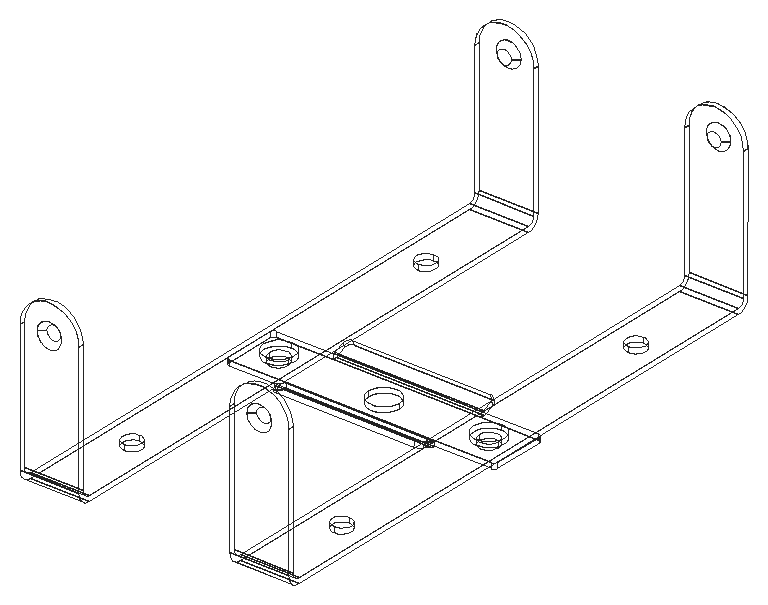
Revit family "1 SOUND_C-Clamps & Bridge Kit_WSUB45", category Communication Devices, host Face, Revit 2020
Family settings
  Host = Face
  Maintain Annotation Orientation = No
  Round Connector Dimension = Use Diameter
  Part Type = Normal
  Cut with Voids When Loaded = No
  Shared = No
  Room Calculation Point = No
Parameters (values of type "WSUB45 C-Clamps & Bridge Kit")
  Weight = ".13 kg"
  URL = "https://www.1-sound.com/wsub45-clamps-bridge-kit"
  Model = "WSUB45 C-Clamps & Bridge Kit"
  Material = "Zinc Plated"
  Manufacturer = "1 SOUND"  # constant formula
  Finish = "Powder Coated or Brushed Stainless Steel"
  Dimensions (HxWxD) = "144.75mm x 52.66mm x 6.24mm"
  Default Elevation = 2438.40 mm  # constant formula
  Construction = "Galvanized Steel or Stainless Steel 316"  # constant formula
  Category = "Accessory"  # constant formula
  Accessory Finish [instance] = 1 Sound - Powder Coat_Black
Reference planes
  plane 1 "Center (Front/Back)": y = 0
  plane 2: z = 0
  plane 3 "Center (Left/Right)": x = 0
  plane 4: z = 93.38
  plane 5: z = 70.38
  plane 6: x = -72.38
  plane 7: x = -56.5
  plane 8: x = 24.12
  plane 9: x = 72.38
  plane 10: x = -40
  plane 11: x = 40
  plane 12: y = 15.875
  plane 13: y = -15.875
  plane 14: y = 26.369
  plane 15: y = -26.369
Forms (mm)
  Extrusion 1, void
    sketch origin (0, 0, 0) x (1, 0, 0) y (0, 1, 0)
      loop
        circle (-56.495, 0) r 5.16
      loop
        circle (56.495, 0) r 5.16
      loop
        circle (0, 0) r 8.335
    from 0 to 3
  Extrusion 2, solid, material "1 Sound - Powder Coat_Black" <- "Accessory Finish"
    sketch origin (0, 0, 0) x (0, 1, 0) y (0, 0, 1)
      loop
        line (-15.875, 0) -> (-15.875, 3)
        arc (-15.875, 3) -> (-16.396, 3.046) -> (-16.901, 3.181) r 3
        line (-16.901, 3.181) -> (-17.927, 0.362)
        arc (-17.927, 0.362) -> (-16.917, 0.091) -> (-15.875, 0) r 6
      loop
        arc (15.875, 0) -> (16.917, 0.091) -> (17.927, 0.362) r 6
        line (17.927, 0.362) -> (16.901, 3.181)
        arc (16.901, 3.181) -> (16.396, 3.046) -> (15.875, 3) r 3
        line (15.875, 3) -> (15.875, 0)
    from -40 to 40
  Extrusion 3, solid, material "1 Sound - Powder Coat_Black" <- "Accessory Finish"
    sketch origin (0, 0, 0) x (1, 0, 0) y (0, 1, 0)
      loop
        arc (72.38, 13.875) -> (71.794, 15.289) -> (70.38, 15.875) r 2
        line (70.38, 15.875) -> (-70.38, 15.875)
        arc (-70.38, 15.875) -> (-71.794, 15.289) -> (-72.38, 13.875) r 2
        line (-72.38, 13.875) -> (-72.38, -13.875)
        arc (-72.38, -13.875) -> (-71.794, -15.289) -> (-70.38, -15.875) r 2
        line (-70.38, -15.875) -> (70.38, -15.875)
        arc (70.38, -15.875) -> (71.794, -15.289) -> (72.38, -13.875) r 2
        line (72.38, -13.875) -> (72.38, 13.875)
    from 0 to 3
  Extrusion 4, solid, material "1 Sound - Powder Coat_Black" <- "Accessory Finish"
    sketch origin (0, -2.045, -5.419) x (1, 0, 0) y (0, 0.939693, -0.34202)
      loop
        line (-40, -16.901) -> (-40, -22.885)
        arc (-40, -22.885) -> (-39.121, -25.006) -> (-37, -25.885) r 3
        line (-37, -25.885) -> (37, -25.885)
        arc (37, -25.885) -> (39.121, -25.006) -> (40, -22.885) r 3
        line (40, -22.885) -> (40, -16.901) -> (-40, -16.901)
    from 0 to 3
  Extrusion 5, solid, material "1 Sound - Powder Coat_Black" <- "Accessory Finish"
    sketch origin (0, 2.045, -5.419) x (1, 0, 0) y (0, 0.939693, 0.34202)
      loop
        line (-40, 16.901) -> (40, 16.901) -> (40, 22.885)
        arc (40, 22.885) -> (39.121, 25.006) -> (37, 25.885) r 3
        line (37, 25.885) -> (-37, 25.885)
        arc (-37, 25.885) -> (-39.121, 25.006) -> (-40, 22.885) r 3
        line (-40, 22.885) -> (-40, 16.901)
    from 0 to 3
Cuts and joins
  Extrusion 1 cuts Extrusion 3
  joined: Extrusion 2, Extrusion 3, Extrusion 4, Extrusion 5
Lines and regions (mm)
  symbolic lines
    curve 1: line (-169.5, 0, 0) -> (-169.5, 0, 6.24)
Dimensions and locks
  plane 6 to plane 9 = 144.76 mm
  plane 10 to plane 8 = 64.12 mm
  plane 12 to plane 13 = 31.75 mm
  plane 14 to plane 12 = 10.494 mm
  aligned and locked: plane 2 to host face
  aligned and locked: level to host face
Nested families
  nested 1: "1 SOUND_WSUB45 C-Clamp" at (56.495, 0, 3) x (0, 1, 0) z (0, 0, 1), Accessory Finish <- "Accessory Finish", type "C-Clamp"
    with Accessory Finish 1 Sound - Powder Coat_Black
  nested 2: "1 SOUND_WSUB45 C-Clamp" at (-56.495, 0, 3) x (0, 1, 0) z (0, 0, 1), Accessory Finish <- "Accessory Finish", type "C-Clamp"
    with Accessory Finish 1 Sound - Powder Coat_Black
Definition of nested family "1 SOUND_WSUB45 C-Clamp"
  Parameters (values of type "WSUB45 C-Clamp")
    Width - Overall = 309.00 mm
    Width - Mounting Holes = 99.00 mm
    Weight = ".32 kg"
    URL = "https://www.1-sound.com/wsub45-clamps-bridge-kit"
    Model = "C-Clamp; WSUB45"
    Material = "Zinc Plated"
    Manufacturer = "1 SOUND"  # constant formula
    Finish = "Powder Coated or Brushed Stainless Steel"
    Dimensions (HxWxD) = "25.40mm x 160.00mm x 145.00mm"
    Depth - Overall = 93.38 mm
    Default Elevation = 2438.40 mm  # constant formula
    Construction = "Galvanized Steel or Stainless Steel 316"  # constant formula
    Accessory Finish [instance] = none
  Reference planes
    plane 1 "Center (Front/Back)": y = 0
    plane 2: z = 0
    plane 3 "Center (Left/Right)": x = 0
    plane 4: x = -154.5
    plane 5: x = 154.5
    plane 6: z = 93.38
    plane 7: z = 70.38
    plane 8: x = -99
    plane 9: x = 99
  Forms (mm)
    Extrusion 1, solid
      sketch origin (0, 0, 0) x (1, 0, 0) y (0, 1, 0)
        loop
          line (-1219.2, 1219.2) -> (-1219.2, -1219.2) -> (1219.2, -1219.2) -> (1219.2, 1219.2) -> (-1219.2, 1219.2)
      from 0 to -304.8
    Extrusion 2, solid, material <- "Accessory Finish"
      sketch origin (0, 0, 0) x (1, 0, 0) y (0, 0, 1)
        loop
          line (-154.5, 70.38) -> (-154.5, 7)
          arc (-154.5, 7) -> (-152.45, 2.05) -> (-147.5, 0) r 7
          line (-147.5, 0) -> (148, 0)
          arc (148, 0) -> (152.596, 1.904) -> (154.5, 6.5) r 6.5
          line (154.5, 6.5) -> (154.5, 70.38) -> (151.5, 70.38) -> (151.5, 6.5)
          arc (151.5, 6.5) -> (150.475, 4.025) -> (148, 3) r 3.5
          line (148, 3) -> (-147.5, 3)
          arc (-147.5, 3) -> (-150.328, 4.172) -> (-151.5, 7) r 4
          line (-151.5, 7) -> (-151.5, 70.38) -> (-154.5, 70.38)
      from -15.875 to 15.875
    Extrusion 3, solid, material <- "Accessory Finish"
      sketch origin (0, 0, 0) x (0, 1, 0) y (0, 0, 1)
        loop
          line (-15.875, 77.5) -> (-15.875, 70.38) -> (15.875, 70.38) -> (15.875, 77.5)
          arc (15.875, 77.5) -> (0, 93.375) -> (-15.875, 77.5) r 15.875
      from -154.5 to -151.5
    Extrusion 4, solid, material <- "Accessory Finish"
      sketch origin (0, 0, 0) x (0, 1, 0) y (0, 0, -1)
        loop
          arc (-15.875, -77.5) -> (0, -93.375) -> (15.875, -77.5) r 15.875
          line (15.875, -77.5) -> (15.875, -70.38) -> (-15.875, -70.38) -> (-15.875, -77.5)
        loop
          circle (0, -77.467) r 3.753
      from -154.5 to -151.5
    Extrusion 5, void
      sketch origin (0, 0, 0) x (1, 0, 0) y (0, 1, 0)
        loop
          circle (-99, 0) r 5.159
      from 0 to 3
    Extrusion 6, void
      sketch origin (0, 0, 0) x (1, 0, 0) y (0, 1, 0)
        loop
          circle (99, 0) r 5.159
      from 0 to 3
    Blend 7, void
      base sketch origin (0, 0, 0) x (0, 1, 0) y (0, 0, 1)
        loop
          circle (0, 77.524) r 6.696
      top sketch origin (0, 0, 0) x (0, 1, 0) y (0, 0, 1)
        loop
          circle (0, 77.467) r 3.753
      from 154.5 to 151.5
    Blend 8, void
      base sketch origin (0, 0, 0) x (0, 1, 0) y (0, 0, -1)
        loop
          circle (0, -77.524) r 6.696
      top sketch origin (0, 0, 0) x (0, 1, 0) y (0, 0, -1)
        loop
          circle (0, -77.467) r 3.753
      from 154.5 to 151.5
    Extrusion 9, void
      sketch origin (0, 0, 0) x (1, 0, 0) y (0, 1, 0)
        loop
          circle (0, 0) r 8.334
      from 0 to 3
  Cuts and joins
    Extrusion 5, Extrusion 6, Blend 7, Blend 8, Extrusion 9 cuts Extrusion 2
    Extrusion 5, Extrusion 6, Blend 7, Blend 8, Extrusion 9 cuts Extrusion 3
    Extrusion 5, Extrusion 6, Blend 7, Blend 8, Extrusion 9 cuts Extrusion 4
    joined: Extrusion 2, Extrusion 3, Extrusion 4
  Dimensions and locks
    equal spacing: plane 8, plane 3 "Center (Left/Right)", plane 9
    "Width - Mounting Holes": plane 8 to plane 3 "Center (Left/Right)"
    "Width - Mounting Holes": plane 3 "Center (Left/Right)" to plane 9
    aligned and locked: plane 2 to Extrusion 1
    aligned and locked: level to Extrusion 1
    aligned and locked: Extrusion 2 sketch curve to plane 7
    aligned and locked: plane 7 to Extrusion 2 sketch curve
    aligned and locked: Extrusion 3 sketch curve to plane 7
    aligned and locked: plane 7 to Extrusion 4 sketch curve
    aligned and locked: plane 4 to Extrusion 3
    aligned and locked: Extrusion 4 to plane 5
    aligned and locked: Extrusion 2 to Extrusion 3
  Automatic sketch dimensions
    Extrusion 1 sketch curve to Extrusion 1 sketch curve = 2438.40 mm  (x2)
    Extrusion 2 sketch curve to Extrusion 2 sketch curve = 0.00 mm  (x4)
    plane 4 to Extrusion 2 sketch curve = 0.00 mm
    Extrusion 2 sketch curve to level = 0.00 mm
    plane 5 to Extrusion 2 sketch curve = 0.00 mm
    Extrusion 2 sketch curve to plane 4 = 3.00 mm
    Extrusion 2 sketch curve to Extrusion 2 sketch curve = 4.00 mm
    plane 5 to Extrusion 2 sketch curve = 6.50 mm
    Extrusion 3 sketch curve to plane 1 "Center (Front/Back)" = 0.00 mm
    plane 7 to Extrusion 3 sketch curve = 7.12 mm
    plane 1 "Center (Front/Back)" to Extrusion 3 sketch curve = 15.875 mm
    Extrusion 4 sketch curve to plane 1 "Center (Front/Back)" = 0.00 mm  (x2)
    plane 1 "Center (Front/Back)" to Extrusion 4 sketch curve = 15.875 mm
    plane 7 to Extrusion 4 sketch curve = 7.087 mm
    plane 7 to Extrusion 4 sketch curve = 7.12 mm
    plane 1 "Center (Front/Back)" to Extrusion 5 sketch curve = 0.00 mm
    Extrusion 5 sketch curve to plane 8 = 0.00 mm
    plane 1 "Center (Front/Back)" to Extrusion 6 sketch curve = 0.00 mm
    Extrusion 6 sketch curve to plane 9 = 0.00 mm
    Blend 7 sketch curve to Blend 7 sketch curve = 0.00 mm  (x4)
    Blend 7 sketch curve to plane 1 "Center (Front/Back)" = 0.00 mm  (x2)
    plane 7 to Blend 7 sketch curve = 7.144 mm
    plane 1 "Center (Front/Back)" to Blend 7 sketch curve = 6.696 mm
    plane 7 to Blend 7 sketch curve = 7.087 mm
    plane 1 "Center (Front/Back)" to Blend 7 sketch curve = 3.753 mm
    Blend 8 sketch curve to Blend 8 sketch curve = 0.00 mm  (x4)
    Blend 8 sketch curve to plane 1 "Center (Front/Back)" = 0.00 mm  (x2)
    plane 7 to Blend 8 sketch curve = 7.144 mm
    plane 1 "Center (Front/Back)" to Blend 8 sketch curve = 6.696 mm
    plane 7 to Blend 8 sketch curve = 7.087 mm
    plane 1 "Center (Front/Back)" to Blend 8 sketch curve = 3.753 mm
    radius of Extrusion 4 sketch curve = 3.753 mm
    radius of Extrusion 5 sketch curve = 5.159 mm
    radius of Extrusion 6 sketch curve = 5.159 mm
